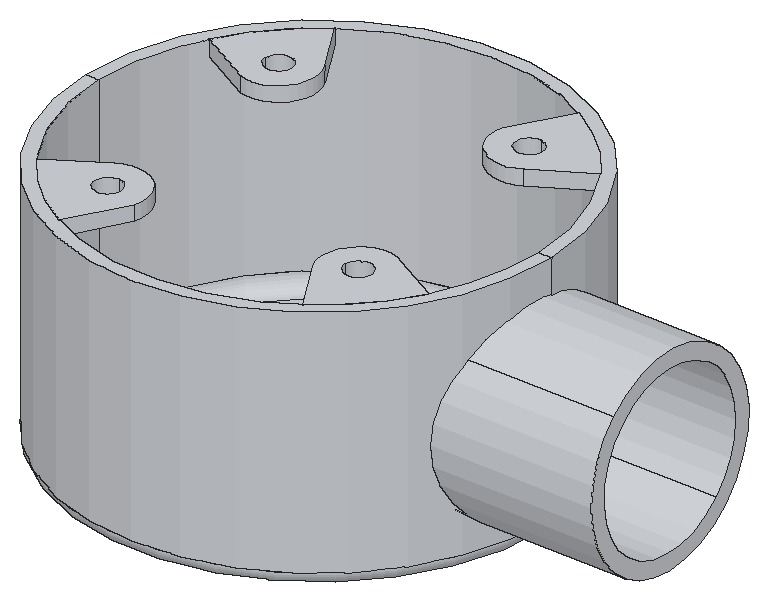
Revit family "MB21G", category Generic Models, Revit 2017
Family settings
  Can host rebar = No
  Round Connector Dimension = Use Diameter
  Part Type = Normal
  Work Plane-Based = Yes
  Always vertical = No
  Cut with Voids When Loaded = No
  Shared = No
  Room Calculation Point = No
Parameters (values of type "NBS Standard Parameters")
  Weight = "0.520Kg"
  WarrantyStartDate [instance] = "1900-12-31T23:59:59"
  WarrantyGuarantorParts = "n/a"
  WarrantyGuarantorLabor = "n/a"
  WarrantyDurationUnit = "year"
  WarrantyDurationParts = "n/a"
  WarrantyDurationLabor = "n/a"
  WarrantyDescription = "n/a"
  Version = "1"
  Uniclass2 = "Pr_65_70_11_20"
  TagNumber [instance] = "n/a"
  SustainabilityPerformance = "32"
  Size = "Circular"
  Shape = "n/a"
  SerialNumber [instance] = "n/a"
  Revision = "n/a"
  ReplacementCost = "n/a"
  ProductInformation = "www.metpro.co.uk/pdf/mb21g.pdf"
  NominalWidth = 90 mm
  NominalLength = 90 mm
  NominalHeight = 45 mm
  Name = ""
  NBSTypeID = ""
  NBSReference = "90-55-10/460"
  NBSOfficeMasterTag = ""
  NBSNote = ""
  NBSDescription = "Conduit Fittings"
  NBSCertification = ""
  ModelReference = "MB21G"
  ModelNumber = "n/a"
  Material = "Malleable Iron"
  ManufacturerURL = "www.metpro.co.uk"
  ManufacturerName = "Metpro Ltd"
  Keynote = "Compliant to LU Standard 1-085"
  InstallationDate [instance] = "1900-12-31T23:59:59"
  IfcExportType = ""
  IfcExportAs = ""
  Grade = "n/a"
  Finish = "Galvanised"
  Features = "n/a"
  ExpectedLife = "n/a"
  DurationUnit = "year"
  Description = "MB21G - 32mm Terminal Malleable Conduit Box"
  Default Elevation = 1219.2 mm
  Constituents = "n/a"
  Color = "n/a"
  CodePerformance = "n/a"
  Category = "n/a"
  BarCode [instance] = "n/a"
  BIMObjectName = "Metpro_Metprolibrary_conduitfittings_Metalcomponent_malleablecircularbox"
  Author = "Metpro Ltd"
  AssetType = ""
  AssetIdentifier [instance] = "n/a"
  AccessibilityPerformance = "n/a"
Reference planes
  plane 1 "Center (Front/Back)": y = 0
  plane 2: z = 0
  plane 3 "Center (Left/Right)": x = 0
Forms (mm)
  Revolve 1, solid
    sketch origin (-60.039, 23.771, -33.771) x (1, 0, 0) y (0, 0, 1)
      loop
        line (-45, 57.541) -> (-45, 12.5)
        arc (-45, 12.5) -> (-44.268, 10.732) -> (-42.5, 10) r 2.5
        line (-42.5, 10) -> (0, 10) -> (0, 12.541) -> (-39.5, 12.541)
        arc (-39.5, 12.541) -> (-41.621, 13.42) -> (-42.5, 15.541) r 3
        line (-42.5, 15.541) -> (-42.5, 57.541) -> (-45, 57.541)
      axis (0, 10) -> (0, 57.541)
    angle from 0 to 360
  Extrusion 2, solid
    sketch origin (-60.039, 23.771, -23.771) x (0, 1, 0) y (1, 0, 0)
      loop
        arc (24.665, -18.546) -> (16.794, -18.959) -> (14.297, -26.436) r 7
        line (14.297, -26.436) -> (20.218, -37.383)
        arc (20.218, -37.383) -> (28.168, -31.825) -> (34.651, -24.609) r 42.5
        line (34.651, -24.609) -> (24.665, -18.546)
      loop
        circle (21.033, -24.53) r 2.607
      loop
        arc (18.546, 24.665) -> (18.959, 16.794) -> (26.436, 14.297) r 7
        line (26.436, 14.297) -> (37.383, 20.218)
        arc (37.383, 20.218) -> (31.825, 28.168) -> (24.609, 34.651) r 42.5
        line (24.609, 34.651) -> (18.546, 24.665)
      loop
        circle (24.53, 21.033) r 2.607
      loop
        arc (-18.546, -24.665) -> (-18.959, -16.794) -> (-26.436, -14.297) r 7
        line (-26.436, -14.297) -> (-37.383, -20.218)
        arc (-37.383, -20.218) -> (-31.825, -28.168) -> (-24.609, -34.651) r 42.5
        line (-24.609, -34.651) -> (-18.546, -24.665)
      loop
        circle (-24.53, -21.033) r 2.607
      loop
        arc (-24.665, 18.546) -> (-16.794, 18.959) -> (-14.297, 26.436) r 7
        line (-14.297, 26.436) -> (-20.218, 37.383)
        arc (-20.218, 37.383) -> (-28.168, 31.825) -> (-34.651, 24.609) r 42.5
        line (-34.651, 24.609) -> (-24.665, 18.546)
      loop
        circle (-21.033, 24.53) r 2.607
    from -47.541 to -44.692
  Extrusion 3, void
    sketch origin (-60.039, 23.771, -33.771) x (0, 0, 1) y (0, -1, 0)
      loop
        circle (32.561, 2.898) r 16
    from 0 to 67.543
  Extrusion 4, solid
    sketch origin (-60.039, 23.771, -33.771) x (0, 0, 1) y (0, -1, 0)
      loop
        circle (32.561, 2.898) r 16
      loop
        circle (32.561, 2.898) r 19
    from 38.539 to 70
  Extrusion 5, void
    sketch origin (-60.039, 23.771, 23.771) x (-1, 0, 0) y (0, 1, 0)
      loop
        arc (-42.5, 0) -> (-41.201, -10.428) -> (-37.383, -20.218) r 42.5
        line (-37.383, -20.218) -> (-30.023, -16.237) -> (-34.651, 24.609)
        arc (-34.651, 24.609) -> (-40.49, 12.915) -> (-42.5, 0) r 42.5
    from 0 to 44.834
Cuts and joins
  Extrusion 3, Extrusion 5 cuts Revolve 1
  Extrusion 3, Extrusion 5 cuts Extrusion 4
  Extrusion 5 cuts Extrusion 2
Dimensions and locks
  aligned and locked: level to plane 2
